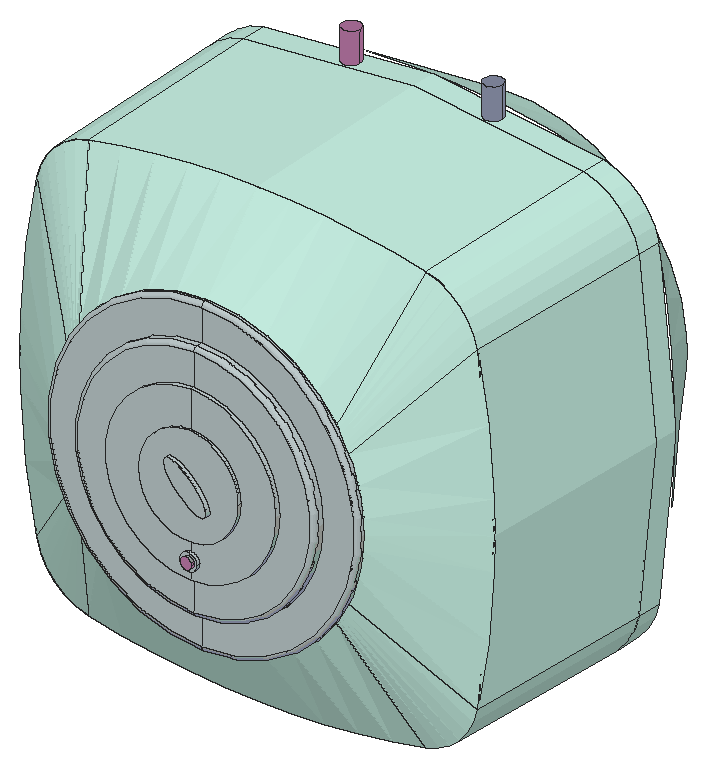
Revit family
Parameters (values of type "340 X 347 X 291")
  Wattage = 1500 W
  Hot Water Pipe Radius = Hot Water Pipe Diameter / 2  # 6.35 mm
  Hot Water Pipe Diameter = 12.7 mm
  Length D = 90 mm
  Heating Time (min) = "26"
  Heater Width = 330 mm
  Width = 347 mm
  URL = "http://www.autospec.co.za/browse.php?id=1660957480"
  Product Code = "FPRX-10-UB"
  OmniClass Title = ""
  OmniClass Number = ""
  Modspec Classification = ""
  Specification = ""
  Material = Galvanised Steel
  Weight (Kg) = "8.1"
  Location (revit room) = ""
  Model = "Prisma Storage Water Heater FPRX 10 UB"
  Manufacturer = "Kwikot"  # constant formula
  Length = 340 mm
  Electrical Supply = 230 V
  Depth = 291 mm
  Colour = none
  Cold Water Pipe Radius = Cold Water Pipe Diameter / 2  # 6.35 mm
  Cold Water Pipe Diameter = 12.7 mm
  Capacity (Litres) = 10.00 L
  Body Material = Green
  Body Finish = none
  Assembly Code = "D3010500"
Reference planes
  plane 1 "Center (Front/Back)": y = 0
  plane 2 "Bottom": z = 0
  plane 3 "Center (Left/Right)": x = 0
  plane 4: z = 165
  plane 5: z = -165
  plane 6: z = -182
  plane 7: x = -170
  plane 8: x = 170
  plane 9: y = 291
  plane 10: y = 201
  plane 11: y = 218.5
  plane 12: y = 20
  plane 13: y = 63.5
  plane 14: z = 182
Forms (mm)
  Extrusion 1, solid, material "Red"
    sketch origin (-583.163, -1524, 165) x (-1, 0, 0) y (0, -1, 0)
      loop
        circle (-533.163, -1732.5) r 6.35
    from -4.162 to 17
  Blend 2, solid, material "Green" <- "Body Material"
    base sketch origin (587.769, 201, 1200) x (1, 0, 0) y (0, 0, 1)
      loop
        arc (-745.961, -1314.084) -> (-732.328, -1339.247) -> (-707.127, -1352.811) r 50
        arc (-707.127, -1352.811) -> (-587.769, -1365) -> (-468.411, -1352.811) r 590.5
        arc (-468.411, -1352.811) -> (-443.211, -1339.247) -> (-429.578, -1314.084) r 50
        arc (-429.578, -1314.084) -> (-417.769, -1200) -> (-429.578, -1085.916) r 557
        arc (-429.578, -1085.916) -> (-443.211, -1060.753) -> (-468.411, -1047.189) r 50
        arc (-468.411, -1047.189) -> (-587.769, -1035) -> (-707.127, -1047.189) r 590.5
        arc (-707.127, -1047.189) -> (-732.328, -1060.753) -> (-745.961, -1085.916) r 50
        arc (-745.961, -1085.916) -> (-757.769, -1200) -> (-745.961, -1314.084) r 557
    top sketch origin (587.769, 201, 1200) x (1, 0, 0) y (0, 0, 1)
      loop
        arc (-743.025, -1086.53) -> (-754.769, -1200) -> (-743.025, -1313.47) r 554
        arc (-743.025, -1313.47) -> (-730.209, -1337.123) -> (-706.521, -1349.873) r 47
        arc (-706.521, -1349.873) -> (-587.769, -1362) -> (-469.018, -1349.873) r 587.5
        arc (-469.018, -1349.873) -> (-445.33, -1337.123) -> (-432.514, -1313.47) r 47
        arc (-432.514, -1313.47) -> (-420.769, -1200) -> (-432.514, -1086.53) r 554
        arc (-432.514, -1086.53) -> (-445.33, -1062.877) -> (-469.018, -1050.127) r 47
        arc (-469.018, -1050.127) -> (-587.769, -1038) -> (-706.521, -1050.127) r 587.5
        arc (-706.521, -1050.127) -> (-730.209, -1062.877) -> (-743.025, -1086.53) r 47
    from 0 to 137.5
  Blend 3, solid, material "Green" <- "Body Material"
    base sketch origin (0, 218.5, 528.983) x (0, 0, 1) y (-1, 0, 0)
      loop
        arc (-414.899, -158.192) -> (-389.736, -144.558) -> (-376.172, -119.358) r 50
        arc (-376.172, -119.358) -> (-363.983, 0) -> (-376.172, 119.358) r 590.5
        arc (-376.172, 119.358) -> (-389.736, 144.558) -> (-414.899, 158.192) r 50
        arc (-414.899, 158.192) -> (-528.983, 170) -> (-643.068, 158.192) r 557
        arc (-643.068, 158.192) -> (-668.23, 144.558) -> (-681.795, 119.358) r 50
        arc (-681.795, 119.358) -> (-693.983, 0) -> (-681.795, -119.358) r 590.5
        arc (-681.795, -119.358) -> (-668.23, -144.558) -> (-643.068, -158.192) r 50
        arc (-643.068, -158.192) -> (-528.983, -170) -> (-414.899, -158.192) r 557
    top sketch origin (0, 218.5, 528.983) x (0, 0, 1) y (-1, 0, 0)
      loop
        arc (-434.929, 74.524) -> (-445.798, 86.488) -> (-458.176, 96.883) r 120
        arc (-458.176, 96.883) -> (-528.983, 120) -> (-599.791, 96.883) r 120
        arc (-599.791, 96.883) -> (-612.169, 86.488) -> (-623.038, 74.524) r 120
        arc (-623.038, 74.524) -> (-648.983, 0) -> (-623.038, -74.524) r 120
        arc (-623.038, -74.524) -> (-612.169, -86.488) -> (-599.791, -96.883) r 120
        arc (-599.791, -96.883) -> (-528.983, -120) -> (-458.176, -96.883) r 120
        arc (-458.176, -96.883) -> (-445.798, -86.488) -> (-434.929, -74.524) r 120
        arc (-434.929, -74.524) -> (-408.983, 0) -> (-434.929, 74.524) r 120
    from 0 to -72.5
  Extrusion 4, solid, material "Green" <- "Body Material"
    sketch origin (587.769, 201, 1200) x (1, 0, 0) y (0, 0, 1)
      loop
        arc (-429.578, -1314.084) -> (-417.769, -1200) -> (-429.578, -1085.916) r 557
        arc (-429.578, -1085.916) -> (-443.211, -1060.753) -> (-468.411, -1047.189) r 50
        arc (-468.411, -1047.189) -> (-587.769, -1035) -> (-707.127, -1047.189) r 590.5
        arc (-707.127, -1047.189) -> (-732.328, -1060.753) -> (-745.961, -1085.916) r 50
        arc (-745.961, -1085.916) -> (-757.769, -1200) -> (-745.961, -1314.084) r 557
        arc (-745.961, -1314.084) -> (-732.328, -1339.247) -> (-707.127, -1352.811) r 50
        arc (-707.127, -1352.811) -> (-587.769, -1365) -> (-468.411, -1352.811) r 590.5
        arc (-468.411, -1352.811) -> (-443.211, -1339.247) -> (-429.578, -1314.084) r 50
    from 0 to -17.5
  Blend 5, solid, material "Green" <- "Body Material"
    base sketch origin (0, 63.5, 1442.37) x (0, 0, 1) y (-1, 0, 0)
      loop
        arc (-1555.84, 155.255) -> (-1579.486, 142.45) -> (-1592.244, 118.78) r 47.007
        arc (-1592.244, 118.78) -> (-1604.418, 0) -> (-1592.244, -118.78) r 585.547
        arc (-1592.244, -118.78) -> (-1579.486, -142.45) -> (-1555.84, -155.255) r 47.007
        arc (-1555.84, -155.255) -> (-1442.37, -166.998) -> (-1328.901, -155.255) r 554.084
        arc (-1328.901, -155.255) -> (-1305.255, -142.45) -> (-1292.497, -118.78) r 47.007
        arc (-1292.497, -118.78) -> (-1280.323, 0) -> (-1292.497, 118.78) r 585.547
        arc (-1292.497, 118.78) -> (-1305.255, 142.45) -> (-1328.901, 155.255) r 47.007
        arc (-1328.901, 155.255) -> (-1442.37, 166.998) -> (-1555.84, 155.255) r 554.084
    top sketch origin (0, 63.5, 1442.37) x (0, 0, 1) y (-1, 0, 0)
      loop
        arc (-1379.673, 90.383) -> (-1387.236, 95.185) -> (-1395.165, 99.356) r 110
        arc (-1395.165, 99.356) -> (-1442.37, 110) -> (-1489.576, 99.356) r 110
        arc (-1489.576, 99.356) -> (-1497.504, 95.185) -> (-1505.068, 90.383) r 110
        arc (-1505.068, 90.383) -> (-1552.37, 0) -> (-1505.068, -90.383) r 110
        arc (-1505.068, -90.383) -> (-1497.504, -95.185) -> (-1489.576, -99.356) r 110
        arc (-1489.576, -99.356) -> (-1442.37, -110) -> (-1395.165, -99.356) r 110
        arc (-1395.165, -99.356) -> (-1387.236, -95.185) -> (-1379.673, -90.383) r 110
        arc (-1379.673, -90.383) -> (-1332.37, 0) -> (-1379.673, 90.383) r 110
    from 0 to 43.5
  Revolve 6, solid, material "Gray"
    sketch origin (0, 0, 0) x (0, 1, 0) y (0, 0, 1)
      loop
        line (15, 0) -> (15, 85) -> (11, 85)
        arc (11, 85) -> (8.879, 84.121) -> (8, 82) r 3
        line (8, 82) -> (8, 60) -> (5, 60) -> (5, 0) -> (15, 0)
      axis (15, 0) -> (5, 0)
    angle from 0 to 360
  Extrusion 7, solid, material "Blue"
    sketch origin (-583.163, -1524, 165) x (-1, 0, 0) y (0, -1, 0)
      loop
        circle (-633.163, -1732.5) r 6.35
    from -4.2 to 17
  Revolve 8, solid, material "Gray"
    sketch origin (0, 0, 0) x (0, 1, 0) y (0, 0, 1)
      loop
        line (20, 0) -> (20, 110) -> (18, 110)
        arc (18, 110) -> (15.879, 109.121) -> (15, 107) r 3
        line (15, 107) -> (15, 0) -> (20, 0)
      axis (20, 0) -> (15, 0)
    angle from 0 to 360
  Extrusion 9, solid, material "Gray"
    sketch origin (0, 0, 0) x (1, 0, 0) y (0, 0, 1)
      loop
        circle (0, 0) r 35
    from -3 to -5
  Extrusion 10, solid, material "Gray"
    sketch origin (0, 0, 0) x (1, 0, 0) y (0, 0, 1)
      loop
        spline (13.929, -14.23) -> (14.728, -12.467) -> (14.509, -9.861) -> (13.287, -6.588) -> (11.144, -2.873) -> (8.228, 1.033) -> (4.737, 4.861) -> (0.908, 8.353) -> (-2.998, 11.269) -> (-6.713, 13.412) -> (-9.986, 14.634) -> (-12.592, 14.853) -> (-14.355, 14.054)
        spline (-14.355, 14.054) -> (-15.155, 12.291) -> (-14.936, 9.684) -> (-13.713, 6.412) -> (-11.571, 2.696) -> (-8.655, -1.209) -> (-5.163, -5.038) -> (-1.334, -8.53) -> (2.571, -11.446) -> (6.287, -13.588) -> (9.559, -14.811) -> (12.166, -15.03) -> (13.929, -14.23)
    from 0 to -3
  Extrusion 11, solid, material "Yellow"
    sketch origin (0, 0, 0) x (1, 0, 0) y (0, 0, 1)
      loop
        circle (0, -48) r 4
    from -1 to -3
  Extrusion 12, solid
    sketch origin (-170, -1524, -438.75) x (0, 0, -1) y (0, -1, 0)
      loop
        circle (-438.75, -1657.777) r 20
    from 0 to 3
  Extrusion 13, solid, material "Gray"
    sketch origin (0, 0, 0) x (1, 0, 0) y (0, 0, 1)
      loop
        circle (0, -48) r 6
    from -3 to -5
Cuts and joins
  joined: Blend 2, Blend 3, Extrusion 4
Lines and regions (mm)
  symbolic lines
    curve 1: line (120, 291, -165) -> (-120, 291, -165)
    curve 2: line (-167, 63.501, -165) -> (-170, 201, -165)
    curve 3: line (-170, 201, -165) -> (-170, 218.5, -165)
    curve 4: line (-170, 218.5, -165) -> (-120, 291, -165)
    curve 5: line (120, 291, -165) -> (170, 218.5, -165)
    curve 6: line (170, 218.5, -165) -> (170, 201, -165)
    curve 7: line (170, 201, -165) -> (167, 63.501, -165)
    curve 8: line (-170, 218.5, -165) -> (170, 218.5, -165)
    curve 9: line (-170, 201, -165) -> (170, 201, -165)
    curve 10: line (-167, 63.501, -165) -> (167, 63.501, -165)
    curve 11: arc (-56.35, 208.5, -165) -> (-50, 202.15, -165) -> (-43.65, 208.5, -165) r 6.35
    curve 12: arc (-43.65, 208.5, -165) -> (-50, 214.85, -165) -> (-56.35, 208.5, -165) r 6.35
    curve 15: line (-167, 63.5, 0) -> (-110, 20, 0)
    curve 16: line (-110.022, 20, 0) -> (110, 20, 0)
    curve 17: line (110, 20, 0) -> (167, 63.501, 0)
    curve 18: line (-110.022, 20, 0) -> (-110.022, 18, 0)
    curve 19: line (-107.022, 15, 0) -> (107, 15, 0)
    curve 20: line (110, 18, 0) -> (110, 20, 0)
    curve 21: arc (107, 15, 0) -> (109.121, 15.879, 0) -> (110, 18, 0) r 3
    curve 22: arc (-107.022, 15, 0) -> (-109.143, 15.879, 0) -> (-110.022, 18, 0) r 3
    curve 23: line (-85.022, 15, 0) -> (-85.022, 11, 0)
    curve 24: line (-82.022, 8, 0) -> (82, 8, 0)
    curve 25: line (85, 11, 0) -> (85, 15, 0)
    curve 26: line (-60, 8, 0) -> (-60, 4.998, 0)
    curve 27: line (-60, 4.998, 0) -> (60, 4.998, 0)
    curve 28: line (60, 4.998, 0) -> (60, 8, 0)
    curve 29: line (-35, 4.998, 0) -> (-35, 3, 0)
    curve 30: line (-35, 3, 0) -> (35, 3, 0)
    curve 31: line (35, 3, 0) -> (35, 4.998, 0)
    curve 32: line (-15.195, 3, 0) -> (-15.195, 0, 0)
    curve 33: line (-15.195, 0, 0) -> (14.766, 0, 0)
    curve 34: line (14.766, 0, 0) -> (14.766, 3, 0)
    curve 35: arc (-82.022, 8, 0) -> (-84.143, 8.878, 0) -> (-85.022, 11, 0) r 3
    curve 36: arc (82, 8, 0) -> (84.121, 8.878, 0) -> (85, 11, 0) r 3
  symbolic lines, detail levels medium+fine
    curve 13: arc (43.65, 208.5, -165) -> (50, 202.15, -165) -> (56.35, 208.5, -165) r 6.35
    curve 14: arc (56.35, 208.5, -165) -> (50, 214.85, -165) -> (43.65, 208.5, -165) r 6.35
  symbolic lines, detail levels fine
    curve 37: line (-4, 1, 0) -> (4, 1, 0)
    curve 38: line (-4, 1, 0) -> (-4, 3, 0)
    curve 39: line (4, 1, 0) -> (4, 3, 0)
    curve 40: line (5.985, 3, 0) -> (5.985, 4.998, 0)
    curve 41: line (-6.024, 3, 0) -> (-6.024, 4.998, 0)
Dimensions and locks
  "Heater Width": plane 4 to plane 5
  "Length": plane 7 to plane 8
  equal spacing: plane 7, plane 3 "Center (Left/Right)", plane 8
  equal spacing: plane 4, level, plane 5
  "Depth": plane 9 to plane 1 "Center (Front/Back)"
  Extrusion 1 sketch curve to plane 3 "Center (Left/Right)" = 50 mm
  "Length D": plane 9 to plane 10
  "Width": plane 14 to plane 5
  plane 3 "Center (Left/Right)" to Extrusion 7 sketch curve = 50 mm
  Extrusion 7 sketch curve to plane 9 = 82.5 mm
  Extrusion 1 sketch curve to plane 9 = 82.5 mm
  Revolve 8 sketch curve to level = 110 mm
  Revolve 6 sketch curve to level = 85 mm
  level to Extrusion 13 sketch curve = 48 mm
  level to Extrusion 11 sketch curve = 48 mm
  "Hot Water Pipe Radius": radius of Extrusion 1 sketch curve
  "Cold Water Pipe Radius": radius of Extrusion 7 sketch curve
  radius of Extrusion 9 sketch curve = 35 mm
  aligned and locked: plane 2 "Bottom" to level
  aligned: Extrusion 1 to plane 6
  aligned and locked: Blend 3 sketch curve to Blend 2  (x8)
  aligned and locked: Extrusion 4 sketch curve to Blend 3  (x8)
  aligned and locked: plane 13 to Blend 2
  aligned and locked: Blend 3 to plane 9
  aligned and locked: plane 11 to cut or joined group of Blend 2, Blend 3, Extrusion 4
  aligned and locked: cut or joined group of Blend 2, Blend 3, Extrusion 4 to plane 11
  aligned and locked: plane 10 to cut or joined group of Blend 2, Blend 3, Extrusion 4
  aligned and locked: cut or joined group of Blend 2, Blend 3, Extrusion 4 to plane 10
  aligned: cut or joined group of Blend 2, Blend 3, Extrusion 4 to plane 13
  aligned: plane 12 to cut or joined group of Blend 2, Blend 3, Extrusion 4
  aligned and locked: curve 1 to cut or joined group of Blend 2, Blend 3, Extrusion 4
  aligned and locked: plane 14 to Extrusion 1
  aligned and locked: plane 2 "Bottom" to Revolve 6 sketch curve
  aligned and locked: plane 2 "Bottom" to Revolve 8 sketch curve  (x2)
  aligned and locked: Blend 5 to Revolve 8 sketch curve
  aligned and locked: Extrusion 9 to Revolve 6
  aligned and locked: Extrusion 10 to Extrusion 9
  aligned and locked: Extrusion 9 to curve 30
Automatic sketch dimensions
  Blend 2 sketch curve to level = 0 mm  (x4)
  Blend 2 sketch curve to plane 3 "Center (Left/Right)" = 0 mm  (x4)
  Blend 2 sketch curve to plane 4 = 12.189 mm  (x2)
  Blend 2 sketch curve to Blend 2 sketch curve = 10.107 mm  (x4)
  plane 5 to Blend 2 sketch curve = 12.189 mm  (x2)
  Blend 2 sketch curve to Blend 2 sketch curve = 0 mm  (x12)
  Blend 2 sketch curve to plane 7 = 11.808 mm
  Blend 2 sketch curve to Blend 2 sketch curve = 48.94 mm  (x2)
  plane 7 to Blend 2 sketch curve = 217 mm  (x2)
  plane 8 to Blend 2 sketch curve = 60.748 mm  (x2)
  plane 8 to Blend 2 sketch curve = 11.808 mm
  Blend 2 sketch curve to plane 4 = 15.127 mm  (x2)
  Blend 2 sketch curve to Blend 2 sketch curve = 9.5 mm  (x4)
  plane 5 to Blend 2 sketch curve = 15.127 mm  (x2)
  Blend 2 sketch curve to plane 7 = 14.745 mm  (x2)
  plane 8 to Blend 2 sketch curve = 14.745 mm
  Blend 2 sketch curve to Blend 2 sketch curve = 46.004 mm
  Blend 3 sketch curve to Blend 3 sketch curve = 0 mm  (x56)
  Blend 3 sketch curve to level = 0 mm
  Blend 3 sketch curve to plane 3 "Center (Left/Right)" = 0 mm
  Blend 3 sketch curve to level = 70.808 mm  (x2)
  Blend 3 sketch curve to Blend 3 sketch curve = 23.247 mm  (x4)
  level to Blend 3 sketch curve = 70.808 mm  (x2)
  plane 3 "Center (Left/Right)" to Blend 3 sketch curve = 74.524 mm
  Blend 5 sketch curve to plane 3 "Center (Left/Right)" = 0 mm  (x3)
  Blend 5 sketch curve to level = 0 mm  (x3)
  plane 5 to Blend 5 sketch curve = 61.157 mm  (x2)
  plane 8 to Blend 5 sketch curve = 14.745 mm
  Blend 5 sketch curve to Blend 5 sketch curve = 9.627 mm  (x4)
  Blend 5 sketch curve to plane 7 = 14.745 mm
  Blend 5 sketch curve to Blend 5 sketch curve = 0 mm  (x62)
  plane 5 to Blend 5 sketch curve = 15.127 mm
  Blend 5 sketch curve to Blend 5 sketch curve = 46.03 mm
  Blend 5 sketch curve to plane 6 = 241.5 mm
  Blend 5 sketch curve to plane 4 = 61.157 mm  (x2)
  Blend 5 sketch curve to plane 4 = 15.127 mm
  Revolve 6 sketch curve to level = 0 mm
  plane 1 "Center (Front/Back)" to Revolve 6 sketch curve = 7.054 mm
  Revolve 6 sketch curve to plane 1 "Center (Front/Back)" = 5 mm
  Revolve 6 sketch curve to Revolve 6 sketch curve = 3 mm  (x2)
  Revolve 6 sketch curve to Revolve 6 sketch curve = 4 mm
  Revolve 6 sketch curve to plane 12 = 17.946 mm
  curve 6 to plane 8 = 0 mm
  plane 9 to curve 1 = 0 mm
  curve 3 to plane 7 = 0 mm
  plane 11 to curve 4 = 0 mm
  plane 10 to curve 3 = 0 mm
  curve 7 to plane 13 = 0.001 mm
  plane 8 to curve 7 = 3 mm
  plane 8 to curve 1 = 50 mm
  curve 14 to plane 10 = 7.5 mm
  plane 3 "Center (Left/Right)" to curve 14 = 56.35 mm
  curve 13 to curve 14 = 6.35 mm
  curve 11 to plane 10 = 7.5 mm
  curve 11 to plane 3 "Center (Left/Right)" = 43.65 mm
  curve 11 to curve 12 = 6.35 mm
  curve 1 to plane 7 = 50 mm
  curve 2 to plane 7 = 3 mm
  plane 12 to Revolve 8 sketch curve = 2 mm
  plane 12 to Revolve 8 sketch curve = 5 mm
  plane 1 "Center (Front/Back)" to Revolve 8 sketch curve = 30 mm
  Revolve 8 sketch curve to plane 13 = 11.5 mm
  Extrusion 9 sketch curve to level = 0 mm
  Extrusion 9 sketch curve to plane 3 "Center (Left/Right)" = 0 mm
  Extrusion 11 sketch curve to plane 3 "Center (Left/Right)" = 0 mm
  Extrusion 11 sketch curve to plane 3 "Center (Left/Right)" = 4 mm
  Extrusion 12 sketch curve to level = 0 mm
  plane 10 to Extrusion 12 sketch curve = 67.223 mm
  Blend 5 sketch curve to Blend 5 sketch curve = 15.492 mm  (x4)
  Blend 5 sketch curve to Blend 5 sketch curve = 8.973 mm
  Blend 5 sketch curve to level = 47.205 mm  (x2)
  level to Blend 5 sketch curve = 47.205 mm  (x2)
  Revolve 6 sketch curve to Revolve 6 sketch curve = 22 mm
  Extrusion 10 sketch curve to level = 0.088 mm
  Extrusion 10 sketch curve to plane 3 "Center (Left/Right)" = 0.213 mm
  plane 3 "Center (Left/Right)" to Extrusion 10 sketch curve = 13.929 mm
  Extrusion 13 sketch curve to plane 3 "Center (Left/Right)" = 0 mm
  plane 13 to curve 15 = 0 mm
  plane 12 to curve 16 = 0 mm
  plane 12 to curve 15 = 0 mm
  plane 1 "Center (Front/Back)" to curve 32 = 0 mm
  curve 15 to plane 7 = 3 mm
  plane 12 to curve 22 = 2 mm
  curve 22 to plane 7 = 59.978 mm
  curve 16 to curve 15 = 0.022 mm
  curve 22 to curve 22 = 3 mm
  curve 19 to curve 23 = 22 mm
  curve 23 to curve 35 = 3 mm
  curve 26 to plane 1 "Center (Front/Back)" = 8 mm
  curve 35 to curve 26 = 22.022 mm
  curve 26 to curve 30 = 25 mm
  curve 32 to plane 3 "Center (Left/Right)" = 15.195 mm
  curve 41 to plane 3 "Center (Left/Right)" = 6.024 mm
  curve 41 to curve 38 = 2.024 mm
  curve 37 to plane 1 "Center (Front/Back)" = 1 mm
  plane 3 "Center (Left/Right)" to curve 37 = 4 mm
  curve 39 to curve 40 = 1.985 mm
  curve 40 to curve 33 = 8.781 mm
  curve 34 to curve 31 = 20.234 mm
  curve 31 to curve 27 = 25 mm
  curve 28 to curve 36 = 22 mm
  curve 36 to curve 36 = 3 mm
  plane 12 to curve 21 = 2 mm
  curve 25 to curve 21 = 22 mm
  curve 17 to plane 13 = 0.001 mm
  plane 8 to curve 17 = 3 mm
  curve 41 to curve 41 = 1.998 mm
  radius of Extrusion 12 sketch curve = 20 mm
  radius of Extrusion 13 sketch curve = 6 mm
Connectors
  piping at (-50, 208.5, 182), driven by "Hot Water Pipe Radius"
    settings: on cut or joined group of Blend 2, Blend 3, Extrusion 4, index 1, connector radius 6.35 mm, flow factor 0, pipe flow 0.0 L/s, pressure drop 0 kPa, fitting loss kfactor 0, connector angle 0.00°, fixture units 0, flow configuration 0, flow direction 2, fitting loss method 0, system type 19, connector reference index -1, connector utility 0, adjustable connector no, is connector primary no, fitting loss table "", connector description "Outlet Pipe Connector"
  piping at (50, 208.5, 182), driven by "Cold Water Pipe Radius"
    settings: on Extrusion 7, index 2, connector radius 6.35 mm, flow factor 0, pipe flow 0.0 L/s, pressure drop 0 kPa, fitting loss kfactor 0, connector angle 0.00°, fixture units 0, flow configuration 0, flow direction 1, fitting loss method 0, system type 20, connector reference index -1, connector utility 0, adjustable connector no, is connector primary yes, fitting loss table "", connector description "Inlet Pipe Connector"
  electrical at (-173, 133.777, 0), driven by "Electrical Supply", driven by "Wattage"
    settings: on Extrusion 12, index 3, voltage 230 V, apparent load 0 kW, apparent load phase1 1.5 kW, apparent load phase2 0 kW, apparent load phase3 0 kW, power factor 1, load classification "Other", number of poles 1, system type 31, power factor state 1, is connector primary yes, connector utility no, sub classification motor no, connector description "Electrical Connector"
